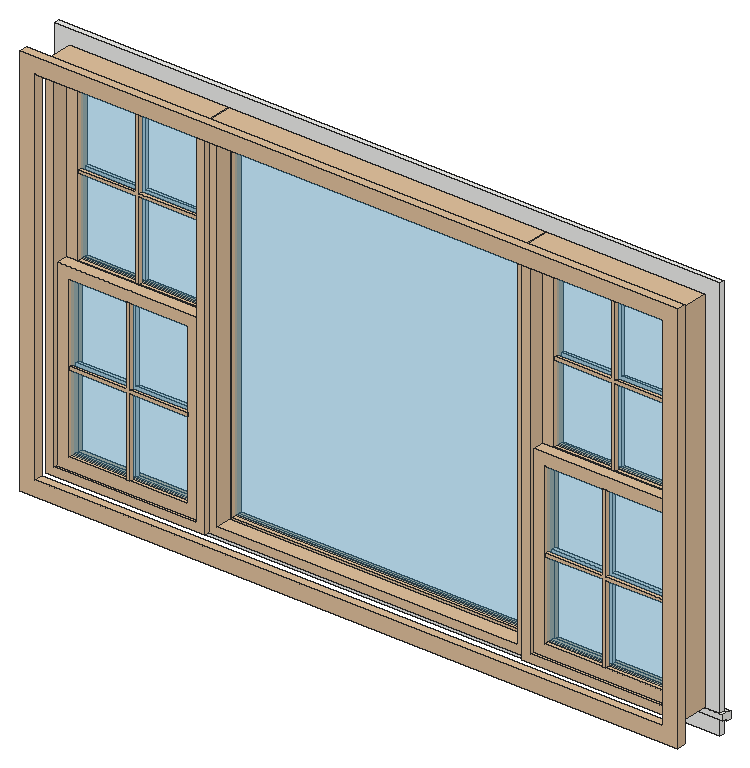
Revit family "Existing Living Room Front Window", category Windows, host Wall, Revit 2021 (continued)
Definition of nested family "Window-Double-Hung"
  Definition of nested family "Muntin Pattern_2x2"
    Reference planes (in)
      plane 2: z = 0
      plane 3 "Center (Left/Right)": x = 0
      plane 4: z = 48
      plane 5: x = -24
      plane 6: x = 24
      plane 7: z = 24
      plane 8: y = 0.375
      plane 9: y = 0.875
      plane 10: y = -0.375
      plane 11: y = -0.875
    Forms (in)
      Extrusion 1, solid, material <- "Interior Material", detail levels fine
        sketch origin (0, 0, 0) x (1, 0, 0) y (0, 0, 1)
          loop
            line (-24, 24.25) -> (-24, 23.75) -> (-0.25, 23.75) -> (-0.25, 0) -> (0.25, 0) -> (0.25, 23.75) -> (24, 23.75) -> (24, 24.25) -> (0.25, 24.25) -> (0.25, 48) -> (-0.25, 48) -> (-0.25, 24.25) -> (-24, 24.25)
        from 0.375 to 0.875
      Extrusion 2, solid, material <- "Exterior Material", detail levels fine
        sketch origin (0, 0, 0) x (1, 0, 0) y (0, 0, -1)
          loop
            line (-24, -24.25) -> (-0.25, -24.25) -> (-0.25, -48) -> (0.25, -48) -> (0.25, -24.25) -> (24, -24.25) -> (24, -23.75) -> (0.25, -23.75) -> (0.25, 0) -> (-0.25, 0) -> (-0.25, -23.75) -> (-24, -23.75) -> (-24, -24.25)
        from 0.375 to 0.875
    Lines and regions (in)
      model lines, detail levels medium
        curve 1: line (0, 0.375, 48) -> (0, 0.375, 0)
        curve 2: line (-24, -0.375, 24) -> (24, -0.375, 24)
        curve 3: line (-24, 0.375, 24) -> (24, 0.375, 24)
        curve 4: line (0, -0.375, 48) -> (0, -0.375, 0)
    Dimensions and locks (in)
      equal spacing: plane 6, plane 3 "Center (Left/Right)", plane 5
      "Width": plane 6 to plane 5
      "Height": plane 4 to plane 2
      equal spacing: plane 4, plane 7, plane 2
      locked: plane 3 "Center (Left/Right)" to Extrusion 1 sketch curve at 0.25  (x4)
      locked: Extrusion 1 sketch curve to plane 7 at 0.25  (x2)
      locked: plane 7 to Extrusion 1 sketch curve at 0.25  (x2)
      "Thickness": plane 9 to plane 8
      "Thickness": plane 10 to plane 11
      "Distance": plane 8 to plane 10
      equal spacing: plane 8, plane 1 "Center (Front/Back)", plane 10
      aligned and locked: plane 2 to level
      aligned and locked: plane 4 to curve 1
      aligned and locked: plane 5 to curve 2
      aligned and locked: plane 2 to curve 1
      aligned and locked: plane 6 to curve 2
      aligned and locked: Extrusion 1 sketch curve to plane 4
      aligned and locked: Extrusion 1 sketch curve to plane 6
      aligned and locked: Extrusion 1 sketch curve to plane 5
      aligned and locked: Extrusion 1 sketch curve to level
      aligned and locked: Extrusion 1 to plane 11
      aligned and locked: plane 10 to Extrusion 1
      aligned and locked: Extrusion 2 to plane 5
      aligned and locked: plane 6 to Extrusion 2
      aligned and locked: Extrusion 2 to plane 8
      aligned and locked: plane 9 to Extrusion 2
      aligned and locked: Extrusion 2 to plane 2
      aligned and locked: plane 4 to Extrusion 2
      aligned and locked: plane 5 to curve 3
      aligned and locked: plane 6 to curve 3
      aligned and locked: plane 4 to curve 4
      aligned and locked: plane 2 to curve 4
      aligned and locked: plane 8 to curve 3
    Automatic sketch dimensions
      curve 2 to plane 7 = 0' - 0"
      Extrusion 2 sketch curve to plane 5 = 0' - 0"
      Extrusion 2 sketch curve to level = 0' - 0"
      Extrusion 2 sketch curve to plane 4 = 0' - 0"
      Extrusion 2 sketch curve to plane 6 = 0' - 0"
      Extrusion 2 sketch curve to plane 3 "Center (Left/Right)" = 0' - 0 1/4"  (x2)
      plane 3 "Center (Left/Right)" to Extrusion 2 sketch curve = 0' - 0 1/4"  (x2)
      plane 7 to Extrusion 2 sketch curve = 0' - 0 1/4"  (x2)
      Extrusion 2 sketch curve to plane 7 = 0' - 0 1/4"  (x2)
      curve 4 to plane 3 "Center (Left/Right)" = 0' - 0"
      curve 4 to level = 0' - 0"
      curve 4 to plane 4 = 0' - 0"
      curve 3 to plane 6 = 0' - 0"
      curve 1 to plane 3 "Center (Left/Right)" = 0' - 0"
      curve 3 to plane 5 = 0' - 0"
      curve 3 to plane 7 = 0' - 0"
  Definition of nested family "Trim-Window-Exterior-Flat"
    Parameters (values of type "with Sill")
      Trim Width = 0' - 2 1/4"
      Trim Thickness_Picture Frame = 0' - 1 1/4"
      Trim Thickness_with Sill = 0' - 0 3/4"
      Trim Material [instance] = none
      Sill Thickness = 0' - 1 1/4"
      Sill = yes
      Picture Frame = no
      Opening Width [instance] = 2' - 0"
      Opening Height [instance] = 3' - 0"
      Default Elevation = 4' - 0"
    Types (2): name | Sill | Picture Frame
      with Sill | yes | no
      Picture Frame | no | yes
    Reference planes (in)
      plane 1 "Center (Front/Back)": y = 0
      plane 2: z = 0
      plane 3 "Center (Left/Right)": x = 0
      plane 4: y = 2.25
      plane 5 "Left": x = -12
      plane 6 "Right": x = 12
      plane 7 "Bottom": y = -36
      plane 8: y = -37.25
      plane 9: y = -39.12332
      plane 10: x = 14.25
      plane 11: x = -14.25
      plane 12: z = 0.75
      plane 13: z = 1.25
      plane 14: x = 14.75
      plane 15: x = -14.75
      plane 16: y = -36.87332
      plane 17: y = -38.25
      plane 18: z = 0.5
      plane 19: y = -18
      plane 20: z = 1.5
    Forms (in)
      Extrusion 1, solid
        sketch origin (0, 0, 0) x (1, 0, 0) y (0, 1, 0)
          loop
            line (-14.25, 2.25) -> (-14.25, -39.12332) -> (14.25, -39.12332) -> (14.25, 2.25) -> (-14.25, 2.25)
        from 0 to -12
      Extrusion 2, solid, material <- "Trim Material", visible <- "Sill"
        sketch origin (0, 0, 0) x (1, 0, 0) y (0, 1, 0)
          loop
            line (-14.25, -36) -> (-12, -36) -> (-12, 0) -> (12, 0) -> (12, -36) -> (14.25, -36) -> (14.25, 2.25) -> (-14.25, 2.25) -> (-14.25, -36)
        from 0 to 0.75
      Extrusion 3, solid, material <- "Trim Material", visible <- "Sill"
        sketch origin (0, 0, 0) x (0, 1, 0) y (0, 0, 1)
          loop
            line (-36.09677, 1.5) -> (-37.25, 1.5) -> (-37.25, 0.75) -> (-36.87332, 0.75) -> (-36.87332, 0) -> (-36, 0) -> (-36, 0.75) -> (-36.09677, 1.5)
        from -14.75 to 14.75
      Extrusion 4, solid, material <- "Trim Material", visible <- "Sill"
        sketch origin (0, 0, 0) x (1, 0, 0) y (0, 1, 0)
          loop
            line (-14.25, -36.87332) -> (-14.25, -39.12332) -> (14.25, -39.12332) -> (14.25, -36.87332) -> (-14.25, -36.87332)
        from 0 to 0.75
      Extrusion 5, solid, material <- "Trim Material", visible <- "Picture Frame"
        sketch origin (0, 0, 0) x (1, 0, 0) y (0, 1, 0)
          loop
            line (-12, 0) -> (-12, -36) -> (12, -36) -> (12, 0) -> (-12, 0)
          loop
            line (-14.25, 2.25) -> (-14.25, -38.25) -> (14.25, -38.25) -> (14.25, 2.25) -> (-14.25, 2.25)
        from 0 to 1.25
    Dimensions and locks (in)
      equal spacing: plane 5 "Left", plane 3 "Center (Left/Right)", plane 6 "Right"
      "Opening Width": plane 5 "Left" to plane 6 "Right"
      "Opening Height": plane 7 "Bottom" to plane 1 "Center (Front/Back)"
      "Sill Thickness": plane 7 "Bottom" to plane 8
      "Trim Width": plane 11 to plane 5 "Left"
      "Trim Width": plane 6 "Right" to plane 10
      "Trim Width": plane 1 "Center (Front/Back)" to plane 4
      locked: plane 15 to plane 11 at 0.5
      locked: plane 10 to plane 14 at 0.5
      locked: plane 16 to plane 8 at 0.37668
      "Trim Width": plane 9 to plane 16
      "Trim Width": plane 17 to plane 7 "Bottom"
      locked: plane 18 to plane 2 at 0.5
      equal spacing: plane 7 "Bottom", plane 19, plane 1 "Center (Front/Back)"
      locked: plane 20 to plane 12 at 0.75
      "Trim Thickness_with Sill": plane 12 to plane 2
      "Trim Thickness_Picture Frame": plane 13 to plane 2
      aligned and locked: plane 2 to Extrusion 1
      aligned and locked: level to Extrusion 1
      aligned and locked: Extrusion 2 sketch curve to plane 5 "Left"
      aligned and locked: Extrusion 2 sketch curve to plane 11
      aligned and locked: plane 7 "Bottom" to Extrusion 2 sketch curve  (x2)
      aligned and locked: plane 1 "Center (Front/Back)" to Extrusion 2 sketch curve
      aligned and locked: plane 10 to Extrusion 2 sketch curve
      aligned and locked: Extrusion 2 sketch curve to plane 6 "Right"
      aligned and locked: plane 12 to Extrusion 2
      aligned and locked: Extrusion 3 sketch curve to level
      aligned and locked: plane 7 "Bottom" to Extrusion 3 sketch curve
      aligned and locked: Extrusion 3 sketch curve to plane 8
      aligned and locked: plane 15 to Extrusion 3
      aligned and locked: Extrusion 3 to plane 14
      aligned and locked: plane 10 to Extrusion 4 sketch curve
      aligned and locked: Extrusion 4 sketch curve to plane 11
      aligned and locked: plane 16 to Extrusion 4 sketch curve
      aligned and locked: plane 9 to Extrusion 4 sketch curve
      aligned and locked: Extrusion 4 to Extrusion 2
      aligned and locked: Extrusion 2 sketch curve to plane 4
      aligned and locked: plane 1 "Center (Front/Back)" to Extrusion 5 sketch curve
      aligned and locked: Extrusion 5 sketch curve to plane 4
      aligned and locked: Extrusion 5 sketch curve to plane 17
      aligned and locked: plane 7 "Bottom" to Extrusion 5 sketch curve
      aligned and locked: Extrusion 5 sketch curve to plane 6 "Right"
      aligned and locked: plane 10 to Extrusion 5 sketch curve
      aligned and locked: Extrusion 5 sketch curve to plane 5 "Left"
      aligned and locked: Extrusion 5 sketch curve to plane 11
      aligned and locked: plane 13 to Extrusion 5
      aligned and locked: plane 20 to Extrusion 3
    Automatic sketch dimensions
      Extrusion 1 sketch curve to Extrusion 1 sketch curve = 2' - 4 1/2"
      Extrusion 1 sketch curve to Extrusion 1 sketch curve = 3' - 5.37332"
      Extrusion 3 sketch curve to plane 16 = 0' - 0"
      Extrusion 3 sketch curve to plane 12 = 0' - 0"  (x2)
      Extrusion 3 sketch curve to plane 7 "Bottom" = 0' - 0.09677"
      plane 13 to Extrusion 3 sketch curve = 0' - 0 1/4"
  Definition of nested family "Trim-Window-Interior-Flat"
    Parameters (values of type "with Sill")
      Trim Thickness_Picture Frame = 0' - 1 1/4"
      Trim Width = 0' - 2 1/4"
      Trim Thickness_with Sill = 0' - 0 3/4"
      Trim Material [instance] = none
      Sill Thickness = 0' - 1 1/4"
      Sill = yes
      Picture Frame = no
      Opening Width [instance] = 2' - 0"
      Opening Height [instance] = 3' - 0"
      Default Elevation = 4' - 0"
    Types (2): name | Sill | Picture Frame
      with Sill | yes | no
      Picture Frame | no | yes
    Reference planes (in)
      plane 1 "Center (Front/Back)": y = 0
      plane 2: z = 0
      plane 3 "Center (Left/Right)": x = 0
      plane 4: y = 1.75
      plane 5 "Left": x = -12
      plane 6 "Right": x = 12
      plane 7 "Bottom": y = -36
      plane 8: y = -37.25
      plane 9: y = -39.12332
      plane 10: x = 13.75
      plane 11: x = -13.75
      plane 12: z = 0.75
      plane 13: z = 1.25
      plane 14: x = 14.25
      plane 15: x = -14.25
      plane 16: y = -36.87332
      plane 17: y = -37.75
      plane 18: z = 0.5
      plane 19: x = -11.5
      plane 20: y = -0.5
      plane 21: x = 11.5
      plane 22: y = -35.5
      plane 23: x = -13.25
      plane 24: x = 13.25
      plane 25: y = -18
    Forms (in)
      Extrusion 1, solid
        sketch origin (0, 0, 0) x (1, 0, 0) y (0, 1, 0)
          loop
            line (-13.75, 1.75) -> (-13.75, -37.75) -> (13.75, -37.75) -> (13.75, 1.75) -> (-13.75, 1.75)
        from 0 to -12
      Extrusion 2, solid, material <- "Trim Material", visible <- "Sill"
        sketch origin (0, 0, 0) x (1, 0, 0) y (0, 1, 0)
          loop
            line (-13.25, -36) -> (-11.5, -36) -> (-11.5, 0) -> (11.5, 0) -> (11.5, -36) -> (13.25, -36) -> (13.25, 1.75) -> (-13.25, 1.75) -> (-13.25, -36)
        from 0 to 0.75
      Extrusion 3, solid, material <- "Trim Material", visible <- "Sill"
        sketch origin (0, 0, 0) x (0, 1, 0) y (0, 0, 1)
          loop
            line (-36.5, 1.5) -> (-36.87332, 1.5) -> (-36.87332, 0) -> (-36, 0) -> (-36, 1)
            arc (-36, 1) -> (-36.14645, 1.35355) -> (-36.5, 1.5) r 0.5
        from -13.75 to 13.75
      Extrusion 4, solid, material <- "Trim Material", visible <- "Sill"
        sketch origin (0, 0, 0) x (1, 0, 0) y (0, 1, 0)
          loop
            line (-13.25, -36.87332) -> (-13.25, -39.12332) -> (13.25, -39.12332) -> (13.25, -36.87332) -> (-13.25, -36.87332)
        from 0 to 0.75
      Extrusion 5, solid, material <- "Trim Material", visible <- "Picture Frame"
        sketch origin (0, 0, 0) x (1, 0, 0) y (0, 1, 0)
          loop
            line (-11.5, -0.5) -> (-11.5, -35.5) -> (11.5, -35.5) -> (11.5, -0.5) -> (-11.5, -0.5)
          loop
            line (-13.75, 1.75) -> (-13.75, -37.75) -> (13.75, -37.75) -> (13.75, 1.75) -> (-13.75, 1.75)
        from 0 to 1.25
    Dimensions and locks (in)
      equal spacing: plane 5 "Left", plane 3 "Center (Left/Right)", plane 6 "Right"
      "Opening Width": plane 5 "Left" to plane 6 "Right"
      "Opening Height": plane 7 "Bottom" to plane 1 "Center (Front/Back)"
      "Sill Thickness": plane 7 "Bottom" to plane 8
      "Trim Width": plane 11 to plane 19
      "Trim Width": plane 21 to plane 10
      "Trim Width": plane 20 to plane 4
      "Trim Thickness_with Sill": plane 12 to plane 2
      locked: plane 15 to plane 11 at 0.5
      locked: plane 10 to plane 14 at 0.5
      locked: plane 16 to plane 8 at 0.37668
      "Trim Width": plane 9 to plane 16
      "Trim Width": plane 17 to plane 22
      plane 20 to plane 1 "Center (Front/Back)" = 0' - 0 1/2"
      plane 5 "Left" to plane 19 = 0' - 0 1/2"
      plane 21 to plane 6 "Right" = 0' - 0 1/2"
      plane 22 to plane 7 "Bottom" = 0' - 0 1/2"
      locked: plane 11 to plane 23 at 0.5
      locked: plane 24 to plane 10 at 0.5
      equal spacing: plane 7 "Bottom", plane 25, plane 1 "Center (Front/Back)"
      "Trim Thickness_Picture Frame": plane 13 to plane 2
      locked: Extrusion 3 to plane 12 at 0.75
      locked: plane 12 to Extrusion 3 sketch curve at 0.75
      radius of Extrusion 3 sketch curve = 0' - 0 1/2"
      aligned and locked: plane 2 to Extrusion 1
      aligned and locked: level to Extrusion 1
      aligned and locked: plane 7 "Bottom" to Extrusion 2 sketch curve  (x2)
      aligned and locked: plane 1 "Center (Front/Back)" to Extrusion 2 sketch curve
      aligned and locked: plane 12 to Extrusion 2
      aligned and locked: Extrusion 3 sketch curve to level
      aligned and locked: plane 7 "Bottom" to Extrusion 3 sketch curve
      aligned and locked: plane 16 to Extrusion 4 sketch curve
      aligned and locked: plane 9 to Extrusion 4 sketch curve
      aligned and locked: Extrusion 2 sketch curve to plane 4
      aligned and locked: Extrusion 5 sketch curve to plane 4
      aligned and locked: Extrusion 5 sketch curve to plane 17
      aligned and locked: plane 10 to Extrusion 5 sketch curve
      aligned and locked: Extrusion 5 sketch curve to plane 11
      aligned and locked: plane 13 to Extrusion 5
      aligned and locked: Extrusion 5 sketch curve to plane 20
      aligned and locked: Extrusion 5 sketch curve to plane 19
      aligned and locked: Extrusion 5 sketch curve to plane 21
      aligned and locked: plane 22 to Extrusion 5 sketch curve
      aligned and locked: Extrusion 4 to plane 24
      aligned and locked: plane 11 to Extrusion 3
      aligned and locked: Extrusion 3 to plane 10
      aligned and locked: Extrusion 2 sketch curve to plane 21
      aligned and locked: Extrusion 2 sketch curve to plane 24
      aligned and locked: Extrusion 2 sketch curve to plane 19
      aligned and locked: Extrusion 2 sketch curve to plane 23
      aligned and locked: plane 12 to Extrusion 4
    Automatic sketch dimensions
      Extrusion 1 sketch curve to Extrusion 1 sketch curve = 2' - 3 1/2"
      Extrusion 1 sketch curve to Extrusion 1 sketch curve = 3' - 3 1/2"
      Extrusion 3 sketch curve to plane 16 = 0' - 0"
      Extrusion 4 sketch curve to plane 11 = 0' - 0 1/2"
      Extrusion 4 sketch curve to plane 24 = 0' - 0"
  Definition of nested family "Plan-Double-Hung"
    Parameters (values of type "Plan-Double-Hung")
      Window Inset [instance] = 0' - 0"
      Window Inset of 3D [instance] = if(Window Inset = 0' 0", 0' 0 1/2", if(Window Inset < Wall Thickness - 0' 3 1/2", Window Inset + 0' 0 1/2", Wall Thickness - 0' 3 1/2"))  # 0' - 0 1/2"
      Width [instance] = 4' - 0"
      Wall Thickness [instance] = 0' - 6"
      Height [instance] = 3' - 0"
      Default Elevation = 4' - 0"
      Analytic Construction = "<None>"
    Reference planes (in)
      plane 1 "Center (Front/Back)": y = 0
      plane 2: z = 0
      plane 3 "Center (Left/Right)": x = 0
      plane 4: x = -24
      plane 5: x = 24
      plane 6 "Jamb": y = -4
      plane 7: x = -22.75
      plane 8: y = -0.5
      plane 9: y = -2.25
      plane 10: y = -1.375
      plane 11: x = -21
      plane 12: x = 22.75
      plane 13: x = 21
      plane 14 "Window Inset": y = -1
      plane 15 "Wall": y = -6
      plane 16: z = 36
      plane 17: z = 34.75
      plane 18: z = 1.25
      plane 19: z = 33
      plane 20: z = 3
      plane 21: z = 18
      plane 22: z = 17.125
      plane 23: z = 18.875
      plane 24: y = -3.125
    Lines and regions (in)
      Masking region 1
        outline origin (0, 0.75, 0) x (1, 0, 0) y (0, 1, 0)
          loop
            line (-24, -6.75) -> (24, -6.75) -> (24, -0.75) -> (-24, -0.75) -> (-24, -6.75)
      Masking region 2
        outline origin (0, 0, 0) x (0, 1, 0) y (0, 0, 1)
          loop
            line (-6, 36) -> (-6, 0) -> (0, 0) -> (0, 36) -> (-6, 36)
      symbolic lines
        curve 1: line (-22.75, -2.25, 0) -> (-21, -2.25, 0)
        curve 2: line (-22.75, -0.5, 0) -> (-22.75, -4, 0)
        curve 3: line (-24, -0.5, 0) -> (-21, -0.5, 0)
        curve 4: line (-21, -0.5, 0) -> (-21, -2.25, 0)
        curve 5: line (-21, -1.375, 0) -> (21, -1.375, 0)
        curve 6: line (22.75, -2.25, 0) -> (21, -2.25, 0)
        curve 7: line (22.75, -0.5, 0) -> (22.75, -4, 0)
        curve 8: line (21, -0.5, 0) -> (21, -2.25, 0)
        curve 9: line (-24, -4, 0) -> (-22.75, -4, 0)
        curve 10: line (22.75, -4, 0) -> (24, -4, 0)
        curve 11: line (0, -0.5, 34.75) -> (0, -4, 34.75)
        curve 12: line (0, -4, 0) -> (0, -4, 3)
        curve 13: line (0, -0.5, 1.25) -> (0, -4, 1.25)
        curve 14: line (0, -0.5, 36) -> (0, -0.5, 33)
        curve 15: line (0, -0.5, 33) -> (0, -2.25, 33)
        curve 16: line (0, -4, 3) -> (0, -2.25, 3)
        curve 17: line (0, -1.375, 18.875) -> (0, -1.375, 33)
        curve 18: line (0, -2.25, 34.75) -> (0, -2.25, 33)
        curve 19: line (21, -0.5, 0) -> (24, -0.5, 0)
        curve 20: line (0, -4, 34.75) -> (0, -4, 36)
        curve 21: line (0, -0.5, 1.25) -> (0, -0.5, 0)
        curve 22: line (0, -2.25, 3) -> (0, -2.25, 1.25)
        curve 23: line (0, -4, 18.875) -> (0, -0.5, 18.875)
        curve 24: line (0, -4, 17.125) -> (0, -4, 18.875)
        curve 25: line (0, -0.5, 17.125) -> (0, -4, 17.125)
        curve 26: line (0, -0.5, 18.875) -> (0, -0.5, 17.125)
        curve 27: line (0, -2.25, 18.875) -> (0, -2.25, 17.125)
        curve 28: line (0, -3.125, 17.125) -> (0, -3.125, 3)
        curve 29: line (-21, -0.5, 0) -> (21, -0.5, 0)
        curve 30: line (-22.75, -4, 0) -> (22.75, -4, 0)
        curve 31: line (0, -0.5, 33) -> (0, -0.5, 18.875)
        curve 32: line (0, -4, 34.75) -> (0, -4, 18.875)
        curve 33: line (0, -4, 17.125) -> (0, -4, 3)
        curve 34: line (0, -0.5, 17.125) -> (0, -0.5, 1.25)
    Dimensions and locks (in)
      "Width": plane 4 to plane 5
      equal spacing: plane 4, plane 3 "Center (Left/Right)", plane 5
      locked: plane 4 to plane 7 at 1.25
      equal spacing: plane 8, plane 10, plane 9
      locked: plane 5 to plane 12 at 1.25
      locked: plane 8 to plane 14 "Window Inset" at 0.5
      locked: plane 8 to plane 9 at 1.75
      "Wall Thickness": plane 15 "Wall" to plane 1 "Center (Front/Back)"
      "Height": plane 16 to plane 2
      locked: plane 16 to plane 17 at 1.25
      locked: plane 18 to plane 2 at 1.25
      locked: plane 9 to plane 6 "Jamb" at 1.75
      "Window Inset of 3D": plane 8 to plane 1 "Center (Front/Back)"
      locked: plane 7 to plane 11 at 1.75
      locked: plane 13 to plane 12 at 1.75
      locked: plane 17 to plane 19 at 1.75
      locked: plane 20 to plane 18 at 1.75
      equal spacing: plane 19, plane 21, plane 20
      equal spacing: plane 23, plane 21, plane 22
      locked: plane 23 to plane 22 at 1.75
      equal spacing: plane 6 "Jamb", plane 24, plane 9
      aligned and locked: plane 2 to level
      aligned and locked: curve 1 to plane 9
      aligned and locked: plane 4 to Masking region 1 sketch curve
      aligned and locked: Masking region 1 sketch curve to plane 5
      aligned and locked: Masking region 1 sketch curve to plane 15 "Wall"
      aligned and locked: curve 9 to plane 6 "Jamb"
      aligned and locked: curve 10 to plane 6 "Jamb"
      aligned and locked: plane 1 "Center (Front/Back)" to Masking region 1 sketch curve
      aligned and locked: Masking region 2 sketch curve to plane 16
      aligned and locked: plane 15 "Wall" to Masking region 2 sketch curve
      aligned and locked: level to Masking region 2 sketch curve
      aligned and locked: plane 6 "Jamb" to curve 12
      aligned and locked: plane 17 to curve 11
      aligned and locked: plane 18 to curve 13
      aligned and locked: curve 14 to plane 8
      aligned and locked: plane 19 to curve 15
      aligned and locked: curve 16 to plane 20
      aligned and locked: plane 10 to curve 17
      aligned and locked: plane 4 to curve 3
      aligned and locked: plane 5 to curve 19
      aligned and locked: plane 16 to curve 14
      aligned and locked: plane 8 to curve 11
      aligned and locked: plane 8 to curve 13
      aligned and locked: plane 2 to curve 21
      aligned and locked: plane 8 to curve 2
      aligned and locked: plane 8 to curve 7
      aligned and locked: curve 18 to plane 9
      aligned and locked: plane 17 to curve 18
      aligned and locked: plane 19 to curve 18
      aligned and locked: plane 2 to curve 12
      aligned and locked: curve 19 to plane 8
      aligned and locked: curve 3 to plane 8
      aligned and locked: curve 4 to plane 11
      aligned and locked: plane 13 to curve 8
      aligned and locked: curve 5 to plane 10
      aligned and locked: plane 9 to curve 6
      aligned and locked: plane 6 "Jamb" to curve 20
      aligned and locked: curve 22 to plane 9
      aligned and locked: curve 23 to plane 23
      aligned and locked: plane 6 "Jamb" to curve 24
      aligned and locked: plane 22 to curve 25
      aligned and locked: curve 26 to plane 8
      aligned and locked: curve 27 to plane 9
      aligned and locked: plane 23 to curve 17
      aligned and locked: curve 28 to plane 24
    Automatic sketch dimensions
      Masking region 2 sketch curve to plane 1 "Center (Front/Back)" = 0' - 0"
      curve 9 to plane 4 = 0' - 0"
      curve 2 to plane 7 = 0' - 0"
      curve 7 to plane 12 = 0' - 0"
      curve 10 to plane 5 = 0' - 0"
      curve 34 to plane 18 = 0' - 0"
      curve 20 to plane 16 = 0' - 0"
  Definition of nested family "Filled Arrow"
    Parameters (values of type "Filled Arrow")
      D3 = 0' - 0"
      D2 = D1 / 6  # 0' - 1.33333"
      D1 = 0' - 8"
    Reference planes (in)
      plane 1 "Center (Front/Back)": y = 0
      plane 2: z = 0
      plane 3 "Center (Left/Right)": x = 0
      plane 4: y = 0.66667
      plane 5: y = -0.66667
      plane 6: x = -4
      plane 7: x = 4
      plane 8: through (8.02606, -2.81908, 48) normal (-0.5736, -0.8192, 0)
      plane 9: through (8.02606, 2.81908, 48) normal (0.5736, -0.8192, 0)
      plane 10: x = 1.33333
    Lines and regions (in)
      Filled region 1, type "Concrete Block", in view "Ref. Level"
        outline origin (0, 0, 0) x (1, 0, 0) y (0, 1, 0)
          loop
            line (-4, 0.66667) -> (-4, -0.66667) -> (1.33333, -0.66667) -> (1.33333, -1.86722) -> (4, 0) -> (1.33333, 1.86722) -> (1.33333, 0.66667) -> (-4, 0.66667)
      detail lines, in view "Ref. Level"
        curve 1: line (-4, 0.66667, 0) -> (1.33333, 0.66667, 0)
        curve 2: line (-4, 0.66667, 0) -> (-4, -0.66667, 0)
        curve 3: line (-4, -0.66667, 0) -> (1.33333, -0.66667, 0)
        curve 4: line (4, 0, 0) -> (1.33333, -1.86722, 0)
        curve 5: line (4, 0, 0) -> (1.33333, 1.86722, 0)
        curve 6: line (1.33333, -0.66667, 0) -> (1.33333, -1.86722, 0)
        curve 7: line (1.33333, 1.86722, 0) -> (1.33333, 0.66667, 0)
    Dimensions and locks (in)
      equal spacing: plane 6, plane 3 "Center (Left/Right)", plane 7
      "D1": plane 6 to plane 7
      equal spacing: plane 4, plane 1 "Center (Front/Back)", plane 5
      "D2": plane 4 to plane 5
      "D2": plane 3 "Center (Left/Right)" to plane 10
      locked: plane 8 to plane 1 "Center (Front/Back)" (angle 35.00°)
      locked: plane 1 "Center (Front/Back)" to plane 9 (angle 35.00°)
      aligned and locked: curve 1 to plane 4
      aligned and locked: curve 2 to plane 6
      aligned and locked: curve 3 to plane 5
      aligned and locked: curve 4 to plane 9
      aligned and locked: curve 5 to plane 8
      aligned and locked: curve 6 to plane 10
      aligned and locked: curve 7 to plane 10
      aligned and locked: Filled region 1 sketch curve to curve 1
      aligned and locked: Filled region 1 sketch curve to curve 2
      aligned and locked: Filled region 1 sketch curve to curve 3
      aligned and locked: Filled region 1 sketch curve to curve 6
      aligned and locked: Filled region 1 sketch curve to curve 4
      aligned and locked: Filled region 1 sketch curve to curve 5
      aligned and locked: Filled region 1 sketch curve to curve 7
Definition of nested family "Muntin Pattern_2x2"
  Parameters (values of type "Muntin Pattern_2x2")
    Width [instance] = 4' - 0"
    Thickness = 0' - 0 1/2"
    Height [instance] = 4' - 0"
    Interior Material [instance] = none
    Exterior Material [instance] = none
    Distance = 0' - 0 3/4"
    Default Elevation = 0' - 0"
  Reference planes (in)
    plane 1 "Center (Front/Back)": y = 0
    plane 2: z = 0
    plane 3 "Center (Left/Right)": x = 0
    plane 4: z = 48
    plane 5: x = -24
    plane 6: x = 24
    plane 7: z = 24
    plane 8: y = 0.375
    plane 9: y = 0.875
    plane 10: y = -0.375
    plane 11: y = -0.875
  Forms (in)
    Extrusion 1, solid, material <- "Interior Material", detail levels fine
      sketch origin (0, 0, 0) x (1, 0, 0) y (0, 0, 1)
        loop
          line (-24, 24.25) -> (-24, 23.75) -> (-0.25, 23.75) -> (-0.25, 0) -> (0.25, 0) -> (0.25, 23.75) -> (24, 23.75) -> (24, 24.25) -> (0.25, 24.25) -> (0.25, 48) -> (-0.25, 48) -> (-0.25, 24.25) -> (-24, 24.25)
      from 0.375 to 0.875
    Extrusion 2, solid, material <- "Exterior Material", detail levels fine
      sketch origin (0, 0, 0) x (1, 0, 0) y (0, 0, -1)
        loop
          line (-24, -24.25) -> (-0.25, -24.25) -> (-0.25, -48) -> (0.25, -48) -> (0.25, -24.25) -> (24, -24.25) -> (24, -23.75) -> (0.25, -23.75) -> (0.25, 0) -> (-0.25, 0) -> (-0.25, -23.75) -> (-24, -23.75) -> (-24, -24.25)
      from 0.375 to 0.875
  Lines and regions (in)
    model lines, detail levels medium
      curve 1: line (0, 0.375, 48) -> (0, 0.375, 0)
      curve 2: line (-24, -0.375, 24) -> (24, -0.375, 24)
      curve 3: line (-24, 0.375, 24) -> (24, 0.375, 24)
      curve 4: line (0, -0.375, 48) -> (0, -0.375, 0)
  Dimensions and locks (in)
    equal spacing: plane 6, plane 3 "Center (Left/Right)", plane 5
    "Width": plane 6 to plane 5
    "Height": plane 4 to plane 2
    equal spacing: plane 4, plane 7, plane 2
    locked: plane 3 "Center (Left/Right)" to Extrusion 1 sketch curve at 0.25  (x4)
    locked: Extrusion 1 sketch curve to plane 7 at 0.25  (x2)
    locked: plane 7 to Extrusion 1 sketch curve at 0.25  (x2)
    "Thickness": plane 9 to plane 8
    "Thickness": plane 10 to plane 11
    "Distance": plane 8 to plane 10
    equal spacing: plane 8, plane 1 "Center (Front/Back)", plane 10
    aligned and locked: plane 2 to level
    aligned and locked: plane 4 to curve 1
    aligned and locked: plane 5 to curve 2
    aligned and locked: plane 2 to curve 1
    aligned and locked: plane 6 to curve 2
    aligned and locked: Extrusion 1 sketch curve to plane 4
    aligned and locked: Extrusion 1 sketch curve to plane 6
    aligned and locked: Extrusion 1 sketch curve to plane 5
    aligned and locked: Extrusion 1 sketch curve to level
    aligned and locked: Extrusion 1 to plane 11
    aligned and locked: plane 10 to Extrusion 1
    aligned and locked: Extrusion 2 to plane 5
    aligned and locked: plane 6 to Extrusion 2
    aligned and locked: Extrusion 2 to plane 8
    aligned and locked: plane 9 to Extrusion 2
    aligned and locked: Extrusion 2 to plane 2
    aligned and locked: plane 4 to Extrusion 2
    aligned and locked: plane 5 to curve 3
    aligned and locked: plane 6 to curve 3
    aligned and locked: plane 4 to curve 4
    aligned and locked: plane 2 to curve 4
    aligned and locked: plane 8 to curve 3
  Automatic sketch dimensions
    curve 2 to plane 7 = 0' - 0"
    Extrusion 2 sketch curve to plane 5 = 0' - 0"
    Extrusion 2 sketch curve to level = 0' - 0"
    Extrusion 2 sketch curve to plane 4 = 0' - 0"
    Extrusion 2 sketch curve to plane 6 = 0' - 0"
    Extrusion 2 sketch curve to plane 3 "Center (Left/Right)" = 0' - 0 1/4"  (x2)
    plane 3 "Center (Left/Right)" to Extrusion 2 sketch curve = 0' - 0 1/4"  (x2)
    plane 7 to Extrusion 2 sketch curve = 0' - 0 1/4"  (x2)
    Extrusion 2 sketch curve to plane 7 = 0' - 0 1/4"  (x2)
    curve 4 to plane 3 "Center (Left/Right)" = 0' - 0"
    curve 4 to level = 0' - 0"
    curve 4 to plane 4 = 0' - 0"
    curve 3 to plane 6 = 0' - 0"
    curve 1 to plane 3 "Center (Left/Right)" = 0' - 0"
    curve 3 to plane 5 = 0' - 0"
    curve 3 to plane 7 = 0' - 0"
Definition of nested family "Trim-Window-Exterior-Flat"
  Parameters (values of type "with Sill")
    Trim Width = 0' - 2 1/4"
    Trim Thickness_Picture Frame = 0' - 1 1/4"
    Trim Thickness_with Sill = 0' - 0 3/4"
    Trim Material [instance] = none
    Sill Thickness = 0' - 1 1/4"
    Sill = yes
    Picture Frame = no
    Opening Width [instance] = 2' - 0"
    Opening Height [instance] = 3' - 0"
    Default Elevation = 4' - 0"
  Types (2): name | Sill | Picture Frame
    with Sill | yes | no
    Picture Frame | no | yes
  Reference planes (in)
    plane 1 "Center (Front/Back)": y = 0
    plane 2: z = 0
    plane 3 "Center (Left/Right)": x = 0
    plane 4: y = 2.25
    plane 5 "Left": x = -12
    plane 6 "Right": x = 12
    plane 7 "Bottom": y = -36
    plane 8: y = -37.25
    plane 9: y = -39.12332
    plane 10: x = 14.25
    plane 11: x = -14.25
    plane 12: z = 0.75
    plane 13: z = 1.25
    plane 14: x = 14.75
    plane 15: x = -14.75
    plane 16: y = -36.87332
    plane 17: y = -38.25
    plane 18: z = 0.5
    plane 19: y = -18
    plane 20: z = 1.5
  Forms (in)
    Extrusion 1, solid
      sketch origin (0, 0, 0) x (1, 0, 0) y (0, 1, 0)
        loop
          line (-14.25, 2.25) -> (-14.25, -39.12332) -> (14.25, -39.12332) -> (14.25, 2.25) -> (-14.25, 2.25)
      from 0 to -12
    Extrusion 2, solid, material <- "Trim Material", visible <- "Sill"
      sketch origin (0, 0, 0) x (1, 0, 0) y (0, 1, 0)
        loop
          line (-14.25, -36) -> (-12, -36) -> (-12, 0) -> (12, 0) -> (12, -36) -> (14.25, -36) -> (14.25, 2.25) -> (-14.25, 2.25) -> (-14.25, -36)
      from 0 to 0.75
    Extrusion 3, solid, material <- "Trim Material", visible <- "Sill"
      sketch origin (0, 0, 0) x (0, 1, 0) y (0, 0, 1)
        loop
          line (-36.09677, 1.5) -> (-37.25, 1.5) -> (-37.25, 0.75) -> (-36.87332, 0.75) -> (-36.87332, 0) -> (-36, 0) -> (-36, 0.75) -> (-36.09677, 1.5)
      from -14.75 to 14.75
    Extrusion 4, solid, material <- "Trim Material", visible <- "Sill"
      sketch origin (0, 0, 0) x (1, 0, 0) y (0, 1, 0)
        loop
          line (-14.25, -36.87332) -> (-14.25, -39.12332) -> (14.25, -39.12332) -> (14.25, -36.87332) -> (-14.25, -36.87332)
      from 0 to 0.75
    Extrusion 5, solid, material <- "Trim Material", visible <- "Picture Frame"
      sketch origin (0, 0, 0) x (1, 0, 0) y (0, 1, 0)
        loop
          line (-12, 0) -> (-12, -36) -> (12, -36) -> (12, 0) -> (-12, 0)
        loop
          line (-14.25, 2.25) -> (-14.25, -38.25) -> (14.25, -38.25) -> (14.25, 2.25) -> (-14.25, 2.25)
      from 0 to 1.25
  Dimensions and locks (in)
    equal spacing: plane 5 "Left", plane 3 "Center (Left/Right)", plane 6 "Right"
    "Opening Width": plane 5 "Left" to plane 6 "Right"
    "Opening Height": plane 7 "Bottom" to plane 1 "Center (Front/Back)"
    "Sill Thickness": plane 7 "Bottom" to plane 8
    "Trim Width": plane 11 to plane 5 "Left"
    "Trim Width": plane 6 "Right" to plane 10
    "Trim Width": plane 1 "Center (Front/Back)" to plane 4
    locked: plane 15 to plane 11 at 0.5
    locked: plane 10 to plane 14 at 0.5
    locked: plane 16 to plane 8 at 0.37668
    "Trim Width": plane 9 to plane 16
    "Trim Width": plane 17 to plane 7 "Bottom"
    locked: plane 18 to plane 2 at 0.5
    equal spacing: plane 7 "Bottom", plane 19, plane 1 "Center (Front/Back)"
    locked: plane 20 to plane 12 at 0.75
    "Trim Thickness_with Sill": plane 12 to plane 2
    "Trim Thickness_Picture Frame": plane 13 to plane 2
    aligned and locked: plane 2 to Extrusion 1
    aligned and locked: level to Extrusion 1
    aligned and locked: Extrusion 2 sketch curve to plane 5 "Left"
    aligned and locked: Extrusion 2 sketch curve to plane 11
    aligned and locked: plane 7 "Bottom" to Extrusion 2 sketch curve  (x2)
    aligned and locked: plane 1 "Center (Front/Back)" to Extrusion 2 sketch curve
    aligned and locked: plane 10 to Extrusion 2 sketch curve
    aligned and locked: Extrusion 2 sketch curve to plane 6 "Right"
    aligned and locked: plane 12 to Extrusion 2
    aligned and locked: Extrusion 3 sketch curve to level
    aligned and locked: plane 7 "Bottom" to Extrusion 3 sketch curve
    aligned and locked: Extrusion 3 sketch curve to plane 8
    aligned and locked: plane 15 to Extrusion 3
    aligned and locked: Extrusion 3 to plane 14
    aligned and locked: plane 10 to Extrusion 4 sketch curve
    aligned and locked: Extrusion 4 sketch curve to plane 11
    aligned and locked: plane 16 to Extrusion 4 sketch curve
    aligned and locked: plane 9 to Extrusion 4 sketch curve
    aligned and locked: Extrusion 4 to Extrusion 2
    aligned and locked: Extrusion 2 sketch curve to plane 4
    aligned and locked: plane 1 "Center (Front/Back)" to Extrusion 5 sketch curve
    aligned and locked: Extrusion 5 sketch curve to plane 4
    aligned and locked: Extrusion 5 sketch curve to plane 17
    aligned and locked: plane 7 "Bottom" to Extrusion 5 sketch curve
    aligned and locked: Extrusion 5 sketch curve to plane 6 "Right"
    aligned and locked: plane 10 to Extrusion 5 sketch curve
    aligned and locked: Extrusion 5 sketch curve to plane 5 "Left"
    aligned and locked: Extrusion 5 sketch curve to plane 11
    aligned and locked: plane 13 to Extrusion 5
    aligned and locked: plane 20 to Extrusion 3
  Automatic sketch dimensions
    Extrusion 1 sketch curve to Extrusion 1 sketch curve = 2' - 4 1/2"
    Extrusion 1 sketch curve to Extrusion 1 sketch curve = 3' - 5.37332"
    Extrusion 3 sketch curve to plane 16 = 0' - 0"
    Extrusion 3 sketch curve to plane 12 = 0' - 0"  (x2)
    Extrusion 3 sketch curve to plane 7 "Bottom" = 0' - 0.09677"
    plane 13 to Extrusion 3 sketch curve = 0' - 0 1/4"
Definition of nested family "Trim-Window-Interior-Flat"
  Parameters (values of type "with Sill")
    Trim Thickness_Picture Frame = 0' - 1 1/4"
    Trim Width = 0' - 2 1/4"
    Trim Thickness_with Sill = 0' - 0 3/4"
    Trim Material [instance] = none
    Sill Thickness = 0' - 1 1/4"
    Sill = yes
    Picture Frame = no
    Opening Width [instance] = 2' - 0"
    Opening Height [instance] = 3' - 0"
    Default Elevation = 4' - 0"
  Types (2): name | Sill | Picture Frame
    with Sill | yes | no
    Picture Frame | no | yes
  Reference planes (in)
    plane 1 "Center (Front/Back)": y = 0
    plane 2: z = 0
    plane 3 "Center (Left/Right)": x = 0
    plane 4: y = 1.75
    plane 5 "Left": x = -12
    plane 6 "Right": x = 12
    plane 7 "Bottom": y = -36
    plane 8: y = -37.25
    plane 9: y = -39.12332
    plane 10: x = 13.75
    plane 11: x = -13.75
    plane 12: z = 0.75
    plane 13: z = 1.25
    plane 14: x = 14.25
    plane 15: x = -14.25
    plane 16: y = -36.87332
    plane 17: y = -37.75
    plane 18: z = 0.5
    plane 19: x = -11.5
    plane 20: y = -0.5
    plane 21: x = 11.5
    plane 22: y = -35.5
    plane 23: x = -13.25
    plane 24: x = 13.25
    plane 25: y = -18
  Forms (in)
    Extrusion 1, solid
      sketch origin (0, 0, 0) x (1, 0, 0) y (0, 1, 0)
        loop
          line (-13.75, 1.75) -> (-13.75, -37.75) -> (13.75, -37.75) -> (13.75, 1.75) -> (-13.75, 1.75)
      from 0 to -12
    Extrusion 2, solid, material <- "Trim Material", visible <- "Sill"
      sketch origin (0, 0, 0) x (1, 0, 0) y (0, 1, 0)
        loop
          line (-13.25, -36) -> (-11.5, -36) -> (-11.5, 0) -> (11.5, 0) -> (11.5, -36) -> (13.25, -36) -> (13.25, 1.75) -> (-13.25, 1.75) -> (-13.25, -36)
      from 0 to 0.75
    Extrusion 3, solid, material <- "Trim Material", visible <- "Sill"
      sketch origin (0, 0, 0) x (0, 1, 0) y (0, 0, 1)
        loop
          line (-36.5, 1.5) -> (-36.87332, 1.5) -> (-36.87332, 0) -> (-36, 0) -> (-36, 1)
          arc (-36, 1) -> (-36.14645, 1.35355) -> (-36.5, 1.5) r 0.5
      from -13.75 to 13.75
    Extrusion 4, solid, material <- "Trim Material", visible <- "Sill"
      sketch origin (0, 0, 0) x (1, 0, 0) y (0, 1, 0)
        loop
          line (-13.25, -36.87332) -> (-13.25, -39.12332) -> (13.25, -39.12332) -> (13.25, -36.87332) -> (-13.25, -36.87332)
      from 0 to 0.75
    Extrusion 5, solid, material <- "Trim Material", visible <- "Picture Frame"
      sketch origin (0, 0, 0) x (1, 0, 0) y (0, 1, 0)
        loop
          line (-11.5, -0.5) -> (-11.5, -35.5) -> (11.5, -35.5) -> (11.5, -0.5) -> (-11.5, -0.5)
        loop
          line (-13.75, 1.75) -> (-13.75, -37.75) -> (13.75, -37.75) -> (13.75, 1.75) -> (-13.75, 1.75)
      from 0 to 1.25
  Dimensions and locks (in)
    equal spacing: plane 5 "Left", plane 3 "Center (Left/Right)", plane 6 "Right"
    "Opening Width": plane 5 "Left" to plane 6 "Right"
    "Opening Height": plane 7 "Bottom" to plane 1 "Center (Front/Back)"
    "Sill Thickness": plane 7 "Bottom" to plane 8
    "Trim Width": plane 11 to plane 19
    "Trim Width": plane 21 to plane 10
    "Trim Width": plane 20 to plane 4
    "Trim Thickness_with Sill": plane 12 to plane 2
    locked: plane 15 to plane 11 at 0.5
    locked: plane 10 to plane 14 at 0.5
    locked: plane 16 to plane 8 at 0.37668
    "Trim Width": plane 9 to plane 16
    "Trim Width": plane 17 to plane 22
    plane 20 to plane 1 "Center (Front/Back)" = 0' - 0 1/2"
    plane 5 "Left" to plane 19 = 0' - 0 1/2"
    plane 21 to plane 6 "Right" = 0' - 0 1/2"
    plane 22 to plane 7 "Bottom" = 0' - 0 1/2"
    locked: plane 11 to plane 23 at 0.5
    locked: plane 24 to plane 10 at 0.5
    equal spacing: plane 7 "Bottom", plane 25, plane 1 "Center (Front/Back)"
    "Trim Thickness_Picture Frame": plane 13 to plane 2
    locked: Extrusion 3 to plane 12 at 0.75
    locked: plane 12 to Extrusion 3 sketch curve at 0.75
    radius of Extrusion 3 sketch curve = 0' - 0 1/2"
    aligned and locked: plane 2 to Extrusion 1
    aligned and locked: level to Extrusion 1
    aligned and locked: plane 7 "Bottom" to Extrusion 2 sketch curve  (x2)
    aligned and locked: plane 1 "Center (Front/Back)" to Extrusion 2 sketch curve
    aligned and locked: plane 12 to Extrusion 2
    aligned and locked: Extrusion 3 sketch curve to level
    aligned and locked: plane 7 "Bottom" to Extrusion 3 sketch curve
    aligned and locked: plane 16 to Extrusion 4 sketch curve
    aligned and locked: plane 9 to Extrusion 4 sketch curve
    aligned and locked: Extrusion 2 sketch curve to plane 4
    aligned and locked: Extrusion 5 sketch curve to plane 4
    aligned and locked: Extrusion 5 sketch curve to plane 17
    aligned and locked: plane 10 to Extrusion 5 sketch curve
    aligned and locked: Extrusion 5 sketch curve to plane 11
    aligned and locked: plane 13 to Extrusion 5
    aligned and locked: Extrusion 5 sketch curve to plane 20
    aligned and locked: Extrusion 5 sketch curve to plane 19
    aligned and locked: Extrusion 5 sketch curve to plane 21
    aligned and locked: plane 22 to Extrusion 5 sketch curve
    aligned and locked: Extrusion 4 to plane 24
    aligned and locked: plane 11 to Extrusion 3
    aligned and locked: Extrusion 3 to plane 10
    aligned and locked: Extrusion 2 sketch curve to plane 21
    aligned and locked: Extrusion 2 sketch curve to plane 24
    aligned and locked: Extrusion 2 sketch curve to plane 19
    aligned and locked: Extrusion 2 sketch curve to plane 23
    aligned and locked: plane 12 to Extrusion 4
  Automatic sketch dimensions
    Extrusion 1 sketch curve to Extrusion 1 sketch curve = 2' - 3 1/2"
    Extrusion 1 sketch curve to Extrusion 1 sketch curve = 3' - 3 1/2"
    Extrusion 3 sketch curve to plane 16 = 0' - 0"
    Extrusion 4 sketch curve to plane 11 = 0' - 0 1/2"
    Extrusion 4 sketch curve to plane 24 = 0' - 0"
Types (2): name | Window Inset | Side Window Width | Side Window Location | Middle Window Width | Height | Width
  (2) 2'-0" x 4'-8" DH + 4'-0" x 4'-8" FX | 0' - 0 3/4" | 2' - 0" | 2' - 0" | 4' - 0" | 4' - 8" | 8' - 0"
  (2) 0600 x 1400mm DH + 1200 x 1400mm FX | 0' - 0 181/256" | 1' - 11 159/256" | 1' - 11 159/256" | 3' - 11 31/128" | 4' - 7 15/128" | 7' - 10 31/64"
